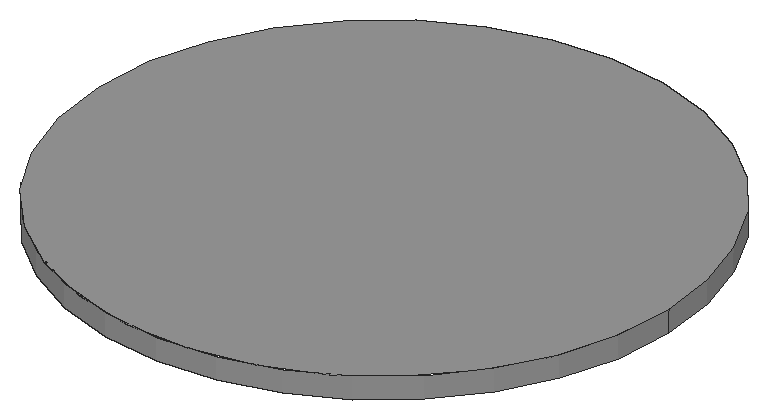
Revit family "LAMP_ACC LAMPTUB END COVER", category Modelos genéricos, Revit 2015
Parameters
  Weight = 0.072 kg
  Product datasheet = "https://www.lamp.es/product-files/TECH/LASUECW-EN.pdf"
  Product code = "LASUECW"
  Modelo = Product code  # "LASUECW"
  Material tapa = LAMP_Aluminio perfil Lamptub
  Manufacturer name = "LAMP"
  Manufacturer country = "Spain"
  Manufacturer URL = "http://www.lamp.es/en"
  Last update = "30/09/2020"
  Finish = "Shiny white"
  Fabricante = Manufacturer name  # "LAMP"
  Default Elevation = 1219.2 mm
  Diameter = 80 mm
  Descripción = "LAMPTUB ACC. END COVER WH."
  Accessory Type = "Assembly"
Reference planes
  plane 1 "Centro (Frontal/Posterior)": y = 0
  plane 2: z = 0
  plane 3 "Centro (Izquierda/Derecha)": x = 0
Forms (mm)
  Extrusion 1, solid, material "LAMP_Aluminio perfil Lamptub" <- "Material tapa"
    sketch origin (0, 0, 0) x (0, -1, 0) y (1, 0, 0)
      loop
        circle (0, 0) r 40
    from 0 to 3
Text (mm)
  text "Any modification of the parameters and properties of the LAMP BIM models must be executed and validated by the LAMP technical department.\n\nPhone: +34 93 736 68 00\n\nE-mail: lamp@lamp.es\n\n\n\nLAMP reserves the right to modify the technical specifications of its products." at (-42077.792, 42151.856, -42000.199), in view "Preview"
Dimensions and locks
  aligned and locked: level to plane 2
